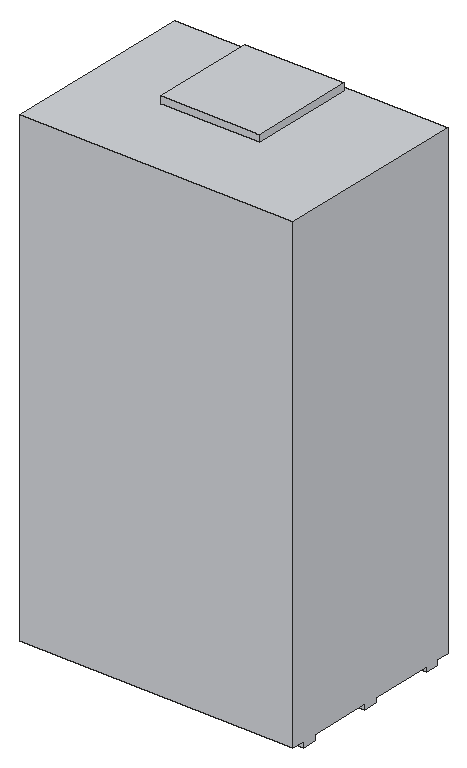
Revit family "M_WSHP - Vertical - 23-35 kW - Retorno traseiro - Descarga superior", category Equipamento mecânico, Revit 2019
Family settings
  Cota do conector redondo = Usar raio
  Tipo de parte = Normal
  Número OmniClass = 23.75.10.21.17
  Título OmniClass = Water-Source Heat Pumps
  ID de item do Seek = WSHP - Vertical - 23-35 kW - Rear Return - Top Discharge-0000-CAN-ENU
  Com base no plano de trabalho = Não
  Sempre na vertical = Sim
  Corte com vazios quando carregada = Não
  Compartilhado = Não
  Ponto de cálculo do ambiente = Não
Parameters (values of type "23 kW")
  Raio do fornecimento de água = 20 mm
  Diâmetro do fornecimento de água = Raio do fornecimento de água * 2  # 40 mm
  Raio do retorno da água = 20 mm
  Diâmetro do retorno da água = Raio do retorno da água * 2  # 40 mm
  Queda de pressão da água [instance] = 59294.9 Pa
  Fluxo da água [instance] = 1.14 L/s
  Voltagem = 460 V
  Largura do ar de fornecimento = 375 mm
  Altura do ar de fornecimento = 400 mm
  Largura do ar de retorno = 900 mm
  Altura do ar de retorno = 600 mm
  Largura da bomba = 736.6 mm
  Material da bomba = none
  Comprimento da bomba = 1041.4 mm
  Altura da bomba = 1816.1 mm
  Número de pólos = 3
  Classificação de carga = Refrigeração
  Fluxo da drenagem [instance] = 0.0 L/s
  Raio da condensação = 15 mm
  Diâmetro da condensação = Raio da condensação * 2  # 30 mm
  C6 Deslocamento 2 = 53.4 mm
  C6 Deslocamento 1 = 25.4 mm
  C5 Deslocamento 2 = 574.1 mm
  C5 Deslocamento 1 = 78.8 mm
  C4 Deslocamento 1 = 284.5 mm
  C3 Deslocamento 1 = 368.3 mm
  C2 Deslocamento 1 = 101.6 mm
  C1 Deslocamento 2 = 520.7 mm
  C1 Deslocamento 1 = 187.9 mm
  Carga aparente = 6026 VA
  Pressão estática externa [instance] = 248.84 Pa
  Fluxo de ar [instance] = 1227.06 L/s
Types (4, lengths in mm): name | Queda de pressão da água | Fluxo da água | Largura do ar de fornecimento | C4 Deslocamento 1 | Carga aparente | Pressão estática externa | Fluxo de ar
  (no name) | 59294.9 Pa | 1.14 L/s | 375 | 284.5 | 6026 VA | 248.84 Pa | 1227.06 L/s
  23 kW | 59294.9 Pa | 1.14 L/s | 375 | 284.5 | 6026 VA | 248.84 Pa | 1227.06 L/s
  30 kW | 69637.1 Pa | 1.51 L/s | 375 | 284.5 | 8970 VA | 373.26 Pa | 1651.82 L/s
  35 kW | 91700.3 Pa | 1.89 L/s | 475 | 147.3 | 9890 VA | 373.26 Pa | 1982.18 L/s
Reference planes
  plane 1 "Centro (Frente/Trás)": y = 0
  plane 2: z = 0
  plane 3 "Centro (Esquerda/Direita)": x = 0
  plane 4: x = 1041.4
  plane 5: y = 736.6
  plane 6: z = 1816.1
  plane 7: z = 19.05
  plane 8: y = 717.55
  plane 9: y = 317.55
  plane 10: x = 284.5
  plane 11: x = 659.5
  plane 12: z = 1841.5
  plane 13: z = 539.75
  plane 14: y = 101.6
  plane 15: y = 187.9
  plane 16: y = 368.3
  plane 17: z = 72.45
  plane 18: x = 1016
  plane 19: x = -25.4
  plane 20: y = 368.3
  plane 21: y = 685.8
  plane 22: y = 635
  plane 23: y = 50.8
  plane 24: y = 101.6
  plane 25: y = 393.7
  plane 26: y = 342.9
  plane 27: z = 1242
  plane 28: z = 642
  plane 29: x = 53.4
  plane 30: x = 953.4
  plane 31: y = 762
Forms (mm)
  Extrusion 1, solid, material <- "Material da bomba"
    sketch origin (0, 0, 0) x (1, 0, 0) y (0, 1, 0)
      loop
        line (0, 736.6) -> (0, 0) -> (1041.4, 0) -> (1041.4, 736.6) -> (0, 736.6)
    from 19.05 to 1816.1
  Extrusion 2, solid, material <- "Material da bomba"
    sketch origin (0, 0, 0) x (1, 0, 0) y (0, 1, 0)
      loop
        line (284.5, 717.55) -> (284.5, 317.55) -> (659.5, 317.55) -> (659.5, 717.55) -> (284.5, 717.55)
    from 1816.1 to 1841.5
  Extrusion 3, solid, material <- "Material da bomba"
    sketch origin (0, 0, 0) x (0, 1, 0) y (0, 0, 1)
      loop
        circle (101.6, 539.75) r 20
    from -25.4 to 0
  Extrusion 4, solid, material <- "Material da bomba"
    sketch origin (0, 0, 0) x (0, 1, 0) y (0, 0, 1)
      loop
        circle (187.9, 539.75) r 20
    from -25.4 to 0
  Extrusion 5, solid, material <- "Material da bomba"
    sketch origin (0, 0, 0) x (0, 1, 0) y (0, 0, 1)
      loop
        circle (368.3, 539.75) r 15
    from -25.4 to 0
  Extrusion 6, solid, material <- "Material da bomba"
    sketch origin (0, 0, 0) x (1, 0, 0) y (0, 1, 0)
      loop
        line (0, 50.8) -> (1041.4, 50.8) -> (1041.4, 101.6) -> (0, 101.6) -> (0, 50.8)
    from 0 to 19.05
  Extrusion 7, solid, material <- "Material da bomba"
    sketch origin (0, 0, 0) x (1, 0, 0) y (0, 1, 0)
      loop
        line (0, 685.8) -> (0, 635) -> (1041.4, 635) -> (1041.4, 685.8) -> (0, 685.8)
    from 0 to 19.05
  Extrusion 8, solid, material <- "Material da bomba"
    sketch origin (0, 0, 0) x (1, 0, 0) y (0, 1, 0)
      loop
        line (0, 393.7) -> (0, 342.9) -> (1041.4, 342.9) -> (1041.4, 393.7) -> (0, 393.7)
    from 0 to 19.05
  Extrusion 9, solid, material <- "Material da bomba"
    sketch origin (0, 0, 0) x (1, 0, 0) y (0, 0, 1)
      loop
        circle (1016, 72.45) r 12.7
    from -25.4 to 0
  Extrusion 10, solid, material <- "Material da bomba"
    sketch origin (0, 0, 0) x (1, 0, 0) y (0, 0, 1)
      loop
        line (53.4, 1242) -> (53.4, 642) -> (953.4, 642) -> (953.4, 1242) -> (53.4, 1242)
    from -762 to -736.6
Cuts and joins
  joined: Extrusion 1, Extrusion 2, Extrusion 3, Extrusion 4, Extrusion 5, Extrusion 6, Extrusion 7, Extrusion 8, Extrusion 9, Extrusion 10
Dimensions and locks
  locked: plane 7 to level at 19.05
  "Altura da bomba": plane 6 to level
  "Comprimento da bomba": plane 3 "Centro (Esquerda/Direita)" to plane 4
  "Largura da bomba": plane 5 to plane 1 "Centro (Frente/Trás)"
  locked: plane 5 to plane 8 at 19.05
  "Altura do ar de fornecimento": plane 8 to plane 9
  "C4 Deslocamento 1": plane 3 "Centro (Esquerda/Direita)" to plane 10
  "Largura do ar de fornecimento": plane 10 to plane 11
  locked: plane 12 to plane 6 at 25.4
  "C1 Deslocamento 2": plane 13 to plane 7
  "C2 Deslocamento 1": plane 14 to plane 1 "Centro (Frente/Trás)"
  "C1 Deslocamento 1": plane 15 to plane 1 "Centro (Frente/Trás)"
  "C3 Deslocamento 1": plane 16 to plane 1 "Centro (Frente/Trás)"
  "C6 Deslocamento 2": plane 17 to plane 7
  "C6 Deslocamento 1": plane 18 to plane 4
  locked: plane 19 to plane 3 "Centro (Esquerda/Direita)" at 25.4
  equal spacing: plane 5, plane 20, plane 1 "Centro (Frente/Trás)"
  locked: plane 5 to plane 21 at 50.8
  locked: plane 21 to plane 22 at 50.8
  locked: plane 23 to plane 24 at 50.8
  locked: plane 1 "Centro (Frente/Trás)" to plane 23 at 50.8
  locked: plane 25 to plane 26 at 50.8
  equal spacing: plane 25, plane 20, plane 26
  "C5 Deslocamento 2": plane 6 to plane 27
  "Altura do ar de retorno": plane 27 to plane 28
  "C5 Deslocamento 1": plane 29 to plane 19
  "Largura do ar de retorno": plane 30 to plane 29
  locked: plane 31 to plane 5 at 25.4
  "Raio do retorno da água": radius of Extrusion 3 sketch curve
  "Raio do fornecimento de água": radius of Extrusion 4 sketch curve
  "Raio da condensação": radius of Extrusion 5 sketch curve
  aligned and locked: plane 3 "Centro (Esquerda/Direita)" to Extrusion 1 sketch curve
  aligned and locked: Extrusion 1 sketch curve to plane 5
  aligned and locked: plane 1 "Centro (Frente/Trás)" to Extrusion 1 sketch curve
  aligned and locked: Extrusion 1 sketch curve to plane 4
  aligned and locked: Extrusion 1 to plane 7
  aligned and locked: plane 6 to Extrusion 1
  aligned and locked: plane 10 to Extrusion 2 sketch curve
  aligned and locked: Extrusion 2 sketch curve to plane 8
  aligned and locked: plane 9 to Extrusion 2 sketch curve
  aligned and locked: Extrusion 2 sketch curve to plane 11
  aligned and locked: plane 12 to Extrusion 2
  aligned and locked: Extrusion 2 to plane 6
  aligned and locked: plane 13 to Extrusion 3 sketch curve
  aligned and locked: plane 14 to Extrusion 3 sketch curve
  aligned and locked: plane 13 to Extrusion 4 sketch curve
  aligned and locked: plane 15 to Extrusion 4 sketch curve
  aligned and locked: plane 13 to Extrusion 5 sketch curve
  aligned and locked: plane 16 to Extrusion 5 sketch curve
  aligned and locked: Extrusion 3 to plane 19
  aligned and locked: plane 3 "Centro (Esquerda/Direita)" to Extrusion 3
  aligned and locked: Extrusion 4 to Extrusion 3
  aligned and locked: plane 3 "Centro (Esquerda/Direita)" to Extrusion 4
  aligned and locked: Extrusion 5 to Extrusion 3
  aligned and locked: plane 3 "Centro (Esquerda/Direita)" to Extrusion 5
  aligned and locked: plane 3 "Centro (Esquerda/Direita)" to Extrusion 6 sketch curve
  aligned and locked: plane 23 to Extrusion 6 sketch curve
  aligned and locked: plane 14 to Extrusion 6 sketch curve
  aligned and locked: plane 4 to Extrusion 6 sketch curve
  aligned and locked: plane 3 "Centro (Esquerda/Direita)" to Extrusion 7 sketch curve
  aligned and locked: Extrusion 7 sketch curve to plane 21
  aligned and locked: plane 22 to Extrusion 7 sketch curve
  aligned and locked: Extrusion 7 sketch curve to plane 4
  aligned and locked: Extrusion 6 to Extrusion 1
  aligned and locked: Extrusion 6 to level
  aligned and locked: Extrusion 7 to Extrusion 1
  aligned and locked: Extrusion 7 to level
  aligned and locked: plane 3 "Centro (Esquerda/Direita)" to Extrusion 8 sketch curve
  aligned and locked: Extrusion 8 sketch curve to plane 25
  aligned and locked: plane 26 to Extrusion 8 sketch curve
  aligned and locked: Extrusion 8 sketch curve to Extrusion 1
  aligned and locked: Extrusion 8 to Extrusion 1
  aligned and locked: Extrusion 8 to level
  aligned and locked: plane 17 to Extrusion 9 sketch curve
  aligned and locked: plane 18 to Extrusion 9 sketch curve
  aligned and locked: plane 1 "Centro (Frente/Trás)" to Extrusion 9
  aligned and locked: plane 29 to Extrusion 10 sketch curve
  aligned and locked: Extrusion 10 sketch curve to plane 27
  aligned and locked: plane 28 to Extrusion 10 sketch curve
  aligned and locked: Extrusion 10 sketch curve to plane 30
  aligned and locked: plane 31 to Extrusion 10
  aligned and locked: Extrusion 10 to plane 5
Automatic sketch dimensions
  radius of Extrusion 9 sketch curve = 12.7 mm
Connectors
  piping at (-25.4, 187.9, 539.75), diameter 40, driven by "Fluxo da água", driven by "Raio do fornecimento de água"
    settings: on Extrusion 4, index 1, connector inside diameter 40 mm, connector length 0 mm, flow factor 0, pipe flow 1.14 L/s, pressure drop 0.0 Pa, fitting loss kfactor 0, connector angle 0.00°, fixture units 0, engagement length 0 mm, angle of deflection 0.00°, flow configuration 1, flow direction 1, fitting loss method 4, system type 7, joint type 0, gender type 0, connector reference index 2, connector utility 0, adjustable connector no, is connector primary yes, connector description "Entrada do fornecimento de água"
  piping at (-25.4, 101.6, 539.75), diameter 40, driven by "Fluxo da água", driven by "Queda de pressão da água", driven by "Raio do retorno da água"
    settings: on Extrusion 3, index 2, connector inside diameter 40 mm, connector length 0 mm, flow factor 0, pipe flow 1.14 L/s, pressure drop 59294.9 Pa, fitting loss kfactor 0, connector angle 0.00°, fixture units 0, engagement length 0 mm, angle of deflection 0.00°, flow configuration 1, flow direction 2, fitting loss method 4, system type 8, joint type 0, gender type 0, connector reference index 1, connector utility 0, adjustable connector no, is connector primary no, connector description "Saída do retorno da água"
  piping at (-25.4, 368.3, 539.75), diameter 30, driven by "Raio da condensação", driven by "Fluxo da drenagem"
    settings: on Extrusion 5, index 3, connector inside diameter 30 mm, connector length 0 mm, flow factor 0, pipe flow 0.0 L/s, pressure drop 0.0 Pa, fitting loss kfactor 0, connector angle 0.00°, fixture units 0, engagement length 0 mm, angle of deflection 0.00°, flow configuration 1, flow direction 2, fitting loss method 0, system type 16, joint type 0, gender type 0, connector reference index -1, connector utility 0, adjustable connector yes, is connector primary no, connector description "Saída de condensação"
  hvac at (472, 517.55, 1841.5), driven by "Fluxo de ar", driven by "Altura do ar de fornecimento", driven by "Largura do ar de fornecimento"
    settings: on Extrusion 2, index 4, duct flow 1227.06 L/s, flow factor 0, pres drop 0.0 Pa, loss coef 0, conn angle 0.00°, conn width 375 mm, conn height 400 mm, conn diameter 609.6 mm, duct sys type 1, conn prof type 1, flow config 0, flow direction 2, loss method 0, conn ref index 5, conn util no, is conn primary yes, conn desc ""
  hvac at (503.4, 762, 942), driven by "Fluxo de ar", driven by "Altura do ar de retorno", driven by "Largura do ar de retorno"
    settings: on Extrusion 10, index 5, duct flow 1227.06 L/s, flow factor 0, pres drop 0.0 Pa, loss coef 0, conn angle 0.00°, conn width 900 mm, conn height 600 mm, conn diameter 609.6 mm, duct sys type 2, conn prof type 1, flow config 0, flow direction 1, loss method 0, conn ref index 4, conn util no, is conn primary no, conn desc ""
  electrical at (1016, 0, 72.45), driven by "Carga aparente", driven by "Voltagem", driven by "Número de pólos", driven by "Classificação de carga"
    settings: on Extrusion 9, index 6, voltage 460 V, apparent load 6026 VA, apparent load phase1 0 VA, apparent load phase2 0 VA, apparent load phase3 0 VA, power factor 0.8, load classification "Refrigeração", number of poles 3, system type 30, power factor state 1, is connector primary yes, connector utility no, sub classification motor no, connector description ""
